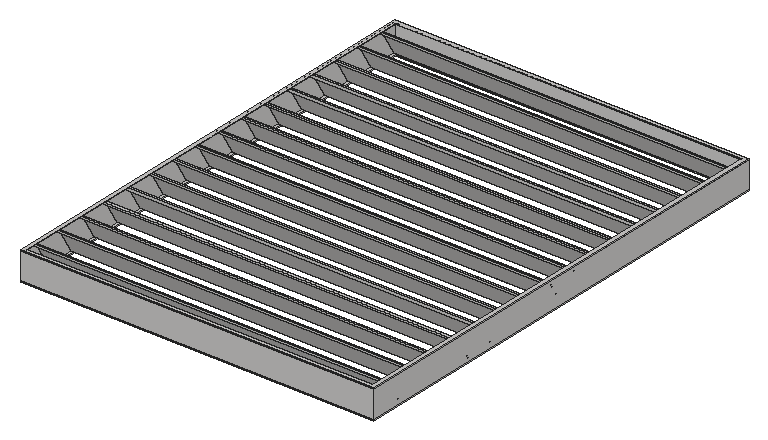
Revit family "ver-Flanged_Frame-Carnes-Rectangular-Drainable_Blade-FWCB", category Air Terminals, host Face, Revit 2012
Parameters (values of type "(See Type Catalog)")
  ecoScorecard_data = ""
  ecoScorecard Product Page = "http://ecoscorecard.com/"
  URL = "http://www.carnes.com/index.html"
  Symbol Blades Quantity [instance] = Louver Width / 3"  # 24
  Subcategory = "Louvers and Dampers"
  Specifications  URL = "http://www.carnes.com/Louvers/pdf/17150.pdf"
  Product Page URL = "http://www.carnes.com/Louvers/FVCB-FWCB.htm"
  Product Line = "Galvanized Steel Drainable Blade Louvers"
  Pressure Drop = 0.00 Pa
  Outside Width = Louver Width + (3/4" * 2)  # 73 1/2"
  Outside Height = Louver Height + (3/4" * 2)  # 97 1/2"
  Model = "FWCB"
  Minimum Size = "8\"W x 12\"H"
  Maximum Vertical Size = "96\"W x 72\"H"
  Maximum Size Note = "Larger Sizes made in multiple sections"
  Maximum Horinzontal Size = "96\"W x 72\"H"
  Manufacturer = "Carnes Company"
  Free Area Note = "See Spec Sheet URL"
  Free Area = 0.00 SF
  Description = "Galvanized Steel Drainable Blade Louvers"
  Connector Description 1 = "Duct Connetor"
  Blades Quantity [instance] = (Louver Height - (Blade Offset from Frame - 3/4")) / 6"  # 16
  Manufacturer Phone = "608-845-6411"
  Manufacturer Fax = "608-845-6470"
  Manufacturer Email = "mailto:carnes@carnes.com"
  Manufacturer Address = "448 S. Main St., P. O. Box 930040, Verona, WI 53593-0040"
  Louver Width = 72"
  Louver Length = 6"  # constant formula
  Louver Height = 96"
  Blades Length [instance] = Louver Length - 1/2"  # 5 1/2"
  Frame Material = Steel - Carnes - Galvanized
  Default Elevation = 48"
  Cost Info = "mailto:carnes@carnes.com"
  Catalog URL = "http://www.carnes.com/Louvers/pdf/f42.pdf"
  Blades Width [instance] = Outside Width - (1/8" * 2)  # 73 1/4"
  Blade Offset from Frame [instance] = 2 1/4"
  Blade Material = Steel - Carnes - Galvanized
  Assembly Code = "D3090700"
  Airflow = 0 CFM
  95 CSI = "10200"
  04 CSI = "08 91 00"
Reference planes (in)
  plane 1 "Center (Elevation)": y = 0
  plane 2: z = 0
  plane 3 "Center (Left/Right)": x = 0
  plane 4: z = -6
  plane 5: z = -0.125
  plane 6: z = -5.875
  plane 7: z = -3
  plane 8: x = -36
  plane 9: x = 36
  plane 10: x = -36.75
  plane 11: x = 36.75
  plane 12: y = 48
  plane 13: y = -48
  plane 14: y = 48.75
  plane 15: y = -48.75
  plane 16 "Blade CL": y = 46.5
Forms (in)
  Extrusion 1, solid, material "Steel - Carnes - Galvanized" <- "Frame Material"
    sketch origin (0, 0, 0) x (1, 0, 0) y (0, 1, 0)
      loop
        line (-36.75, 48.75) -> (-36.75, -48.75) -> (36.75, -48.75) -> (36.75, 48.75) -> (-36.75, 48.75)
      loop
        line (-36, 48) -> (-36, -48) -> (36, -48) -> (36, 48) -> (-36, 48)
    from -0.125 to 0
  Extrusion 2, solid, material "Steel - Carnes - Galvanized" <- "Frame Material"
    sketch origin (0, 0, 0) x (1, 0, 0) y (0, 1, 0)
      loop
        line (-36.75, 48.75) -> (-36.75, -48.75) -> (36.75, -48.75) -> (36.75, 48.75) -> (-36.75, 48.75)
      loop
        line (-36, 48) -> (-36, -48) -> (36, -48) -> (36, 48) -> (-36, 48)
    from -6 to -5.875
  Extrusion 3, solid, material "Steel - Carnes - Galvanized" <- "Frame Material"
    sketch origin (0, 0, 0) x (1, 0, 0) y (0, 1, 0)
      loop
        line (-36.625, 48.625) -> (-36.625, -48.625) -> (36.625, -48.625) -> (36.625, 48.625) -> (-36.625, 48.625)
      loop
        line (-36.75, 48.75) -> (-36.75, -48.75) -> (36.75, -48.75) -> (36.75, 48.75) -> (-36.75, 48.75)
    from -5.875 to -0.125
Lines and regions (in)
  Masking region 1, detail levels medium+fine
    outline origin (0, 0, 0) x (1, 0, 0) y (0, 0, 1)
      loop
        line (36.75, 0) -> (-36.75, 0) -> (-36.75, -6) -> (36.75, -6) -> (36.75, 0)
  Masking region 2, detail levels medium+fine
    outline origin (0, 0, 0) x (1, 0, 0) y (0, 0, 1)
      loop
        line (36.75, 0) -> (36, 0) -> (36, -0.125) -> (36.625, -0.125) -> (36.625, -5.875) -> (36, -5.875) -> (36, -6) -> (36.75, -6) -> (36.75, 0)
      loop
        line (-36.75, 0) -> (-36.75, -6) -> (-36, -6) -> (-36, -5.875) -> (-36.625, -5.875) -> (-36.625, -0.125) -> (-36, -0.125) -> (-36, 0) -> (-36.75, 0)
  symbolic lines, detail levels fine
    curve 1: line (36, 0, -0.125) -> (-36, 0, -0.125)
    curve 2: line (36, 0, -5.875) -> (-36, 0, -5.875)
  symbolic lines
    curve 3: line (-36, 0, -0.28125) -> (-35.5625, 0, -0.28125)
    curve 4: line (-35.5625, 0, -0.28125) -> (-32.33652, 0, -5.71875)
    curve 5: line (-32.33652, 0, -5.71875) -> (-31.89902, 0, -5.71875)
    curve 6: line (31.89902, 0, -0.28125) -> (32.33652, 0, -0.28125)
    curve 7: line (32.33652, 0, -0.28125) -> (35.5625, 0, -5.71875)
    curve 8: line (35.5625, 0, -5.71875) -> (36, 0, -5.71875)
    curve 9: line (-33.04787, 0, -0.28125) -> (-32.61037, 0, -0.28125)
    curve 10: line (-32.61037, 0, -0.28125) -> (-29.38438, 0, -5.71875)
    curve 11: line (-29.38438, 0, -5.71875) -> (-28.94688, 0, -5.71875)
    curve 12: line (-30.09574, 0, -0.28125) -> (-29.65824, 0, -0.28125)
    curve 13: line (-29.65824, 0, -0.28125) -> (-26.43225, 0, -5.71875)
    curve 14: line (-26.43225, 0, -5.71875) -> (-25.99475, 0, -5.71875)
    curve 15: line (-27.14361, 0, -0.28125) -> (-26.70611, 0, -0.28125)
    curve 16: line (-26.70611, 0, -0.28125) -> (-23.48012, 0, -5.71875)
    curve 17: line (-23.48012, 0, -5.71875) -> (-23.04262, 0, -5.71875)
    curve 18: line (-24.19148, 0, -0.28125) -> (-23.75398, 0, -0.28125)
    curve 19: line (-23.75398, 0, -0.28125) -> (-20.52799, 0, -5.71875)
    curve 20: line (-20.52799, 0, -5.71875) -> (-20.09049, 0, -5.71875)
    curve 21: line (-21.23934, 0, -0.28125) -> (-20.80184, 0, -0.28125)
    curve 22: line (-20.80184, 0, -0.28125) -> (-17.57586, 0, -5.71875)
    curve 23: line (-17.57586, 0, -5.71875) -> (-17.13836, 0, -5.71875)
    curve 24: line (-18.28721, 0, -0.28125) -> (-17.84971, 0, -0.28125)
    curve 25: line (-17.84971, 0, -0.28125) -> (-14.62373, 0, -5.71875)
    curve 26: line (-14.62373, 0, -5.71875) -> (-14.18623, 0, -5.71875)
    curve 27: line (-15.33508, 0, -0.28125) -> (-14.89758, 0, -0.28125)
    curve 28: line (-14.89758, 0, -0.28125) -> (-11.6716, 0, -5.71875)
    curve 29: line (-11.6716, 0, -5.71875) -> (-11.2341, 0, -5.71875)
    curve 30: line (-12.38295, 0, -0.28125) -> (-11.94545, 0, -0.28125)
    curve 31: line (-11.94545, 0, -0.28125) -> (-8.71947, 0, -5.71875)
    curve 32: line (-8.71947, 0, -5.71875) -> (-8.28197, 0, -5.71875)
    curve 33: line (-9.43082, 0, -0.28125) -> (-8.99332, 0, -0.28125)
    curve 34: line (-8.99332, 0, -0.28125) -> (-5.76734, 0, -5.71875)
    curve 35: line (-5.76734, 0, -5.71875) -> (-5.32984, 0, -5.71875)
    curve 36: line (-6.47869, 0, -0.28125) -> (-6.04119, 0, -0.28125)
    curve 37: line (-6.04119, 0, -0.28125) -> (-2.8152, 0, -5.71875)
    curve 38: line (-2.8152, 0, -5.71875) -> (-2.3777, 0, -5.71875)
    curve 39: line (-3.52656, 0, -0.28125) -> (-3.08906, 0, -0.28125)
    curve 40: line (-3.08906, 0, -0.28125) -> (0.13693, 0, -5.71875)
    curve 41: line (0.13693, 0, -5.71875) -> (0.57443, 0, -5.71875)
    curve 42: line (-0.57443, 0, -0.28125) -> (-0.13693, 0, -0.28125)
    curve 43: line (-0.13693, 0, -0.28125) -> (3.08906, 0, -5.71875)
    curve 44: line (3.08906, 0, -5.71875) -> (3.52656, 0, -5.71875)
    curve 45: line (2.3777, 0, -0.28125) -> (2.8152, 0, -0.28125)
    curve 46: line (2.8152, 0, -0.28125) -> (6.04119, 0, -5.71875)
    curve 47: line (6.04119, 0, -5.71875) -> (6.47869, 0, -5.71875)
    curve 48: line (5.32984, 0, -0.28125) -> (5.76734, 0, -0.28125)
    curve 49: line (5.76734, 0, -0.28125) -> (8.99332, 0, -5.71875)
    curve 50: line (8.99332, 0, -5.71875) -> (9.43082, 0, -5.71875)
    curve 51: line (8.28197, 0, -0.28125) -> (8.71947, 0, -0.28125)
    curve 52: line (8.71947, 0, -0.28125) -> (11.94545, 0, -5.71875)
    curve 53: line (11.94545, 0, -5.71875) -> (12.38295, 0, -5.71875)
    curve 54: line (11.2341, 0, -0.28125) -> (11.6716, 0, -0.28125)
    curve 55: line (11.6716, 0, -0.28125) -> (14.89758, 0, -5.71875)
    curve 56: line (14.89758, 0, -5.71875) -> (15.33508, 0, -5.71875)
    curve 57: line (14.18623, 0, -0.28125) -> (14.62373, 0, -0.28125)
    curve 58: line (14.62373, 0, -0.28125) -> (17.84971, 0, -5.71875)
    curve 59: line (17.84971, 0, -5.71875) -> (18.28721, 0, -5.71875)
    curve 60: line (17.13836, 0, -0.28125) -> (17.57586, 0, -0.28125)
    curve 61: line (17.57586, 0, -0.28125) -> (20.80184, 0, -5.71875)
    curve 62: line (20.80184, 0, -5.71875) -> (21.23934, 0, -5.71875)
    curve 63: line (20.09049, 0, -0.28125) -> (20.52799, 0, -0.28125)
    curve 64: line (20.52799, 0, -0.28125) -> (23.75398, 0, -5.71875)
    curve 65: line (23.75398, 0, -5.71875) -> (24.19148, 0, -5.71875)
    curve 66: line (23.04262, 0, -0.28125) -> (23.48012, 0, -0.28125)
    curve 67: line (23.48012, 0, -0.28125) -> (26.70611, 0, -5.71875)
    curve 68: line (26.70611, 0, -5.71875) -> (27.14361, 0, -5.71875)
    curve 69: line (25.99475, 0, -0.28125) -> (26.43225, 0, -0.28125)
    curve 70: line (26.43225, 0, -0.28125) -> (29.65824, 0, -5.71875)
    curve 71: line (29.65824, 0, -5.71875) -> (30.09574, 0, -5.71875)
    curve 72: line (28.94688, 0, -0.28125) -> (29.38438, 0, -0.28125)
    curve 73: line (29.38438, 0, -0.28125) -> (32.61037, 0, -5.71875)
    curve 74: line (32.61037, 0, -5.71875) -> (33.04787, 0, -5.71875)
Dimensions and locks (in)
  equal spacing: plane 10, plane 3 "Center (Left/Right)", plane 11
  "Outside Width": plane 10 to plane 11
  equal spacing: plane 15, plane 1 "Center (Elevation)", plane 14
  "Outside Height": plane 15 to plane 14
  locked: plane 2 to plane 5 at 0.125
  locked: plane 6 to plane 4 at 0.125
  "Louver Length": plane 2 to plane 4
  equal spacing: plane 5, plane 7, plane 6
  "Blade Offset from Frame": plane 14 to plane 16 "Blade CL"
  locked: plane 10 to plane 8 at 0.75
  locked: plane 9 to plane 11 at 0.75
  locked: plane 14 to plane 12 at 0.75
  locked: plane 15 to plane 13 at 0.75
  locked: Masking region 2 sketch curve to plane 11 at 0.125
  locked: Extrusion 3 sketch curve to Extrusion 3 sketch curve at 0.125  (x4)
  equal spacing: group 1, group 2, group 3, group 4, group 5, group 6, group 7, group 8, group 9, group 10, group 14, group 15, group 16, group 30, group 31, group 32  (x2)
  equal spacing: group 32, group 31, group 30, group 16, group 15, group 14, group 10, group 9, group 8, group 7, group 6, group 5, group 4, group 3, group 2, group 1
  locked: nested 1 to nested 2 at 6
  curve 3 to plane 7 to curve 5 = 2 23/32" locked, 2 23/32" locked
  equal spacing: group 11, group 13, group 17, group 18, group 19, group 20, group 21, group 22, group 23, group 24, group 25, group 26, group 27, group 28, group 29, group 33, group 34, group 35, group 36, group 37, group 38, group 39, group 40, group 12  (x3)
  curve 51 to curve 53 = 5 7/16"
  curve 54 to curve 56 = 5 7/16"
  curve 57 to curve 59 = 5 7/16"
  curve 60 to curve 62 = 5 7/16"
  curve 63 to curve 65 = 5 7/16"
  curve 66 to curve 68 = 5 7/16"
  curve 69 to curve 71 = 5 7/16"
  curve 72 to curve 74 = 5 7/16"
  aligned and locked: plane 2 to host face
  aligned and locked: host face to level
  aligned and locked: plane 10 to Extrusion 1 sketch curve
  aligned and locked: Extrusion 1 sketch curve to plane 14
  aligned and locked: plane 15 to Extrusion 1 sketch curve
  aligned and locked: plane 11 to Extrusion 1 sketch curve
  aligned and locked: plane 8 to Extrusion 1 sketch curve
  aligned and locked: Extrusion 1 sketch curve to plane 12
  aligned and locked: plane 13 to Extrusion 1 sketch curve
  aligned and locked: plane 9 to Extrusion 1 sketch curve
  aligned and locked: Extrusion 1 to plane 5
  aligned and locked: plane 2 to Extrusion 1
  aligned and locked: Extrusion 2 sketch curve to Extrusion 1  (x6)
  aligned and locked: Extrusion 1 to Extrusion 2 sketch curve  (x2)
  aligned and locked: plane 6 to Extrusion 2
  aligned and locked: Extrusion 2 to plane 4
  aligned and locked: plane 5 to Extrusion 3
  aligned and locked: Extrusion 3 to plane 6
  aligned and locked: plane 11 to Masking region 1 sketch curve
  aligned and locked: Masking region 1 sketch curve to plane 2
  aligned and locked: plane 4 to Masking region 1 sketch curve
  aligned and locked: plane 10 to Masking region 1 sketch curve
  aligned and locked: Masking region 2 sketch curve to plane 11
  aligned and locked: plane 4 to Masking region 2 sketch curve
  aligned and locked: curve 1 to plane 5
  aligned and locked: curve 2 to plane 6
  aligned and locked: plane 2 to Masking region 2 sketch curve
  aligned and locked: Masking region 2 sketch curve to plane 5
  aligned and locked: plane 9 to Masking region 2 sketch curve
  aligned and locked: Masking region 2 sketch curve to plane 9
  aligned and locked: Masking region 2 sketch curve to plane 6
  aligned and locked: Masking region 2 sketch curve to plane 4
  aligned and locked: plane 8 to Masking region 2 sketch curve
  aligned and locked: plane 6 to Masking region 2 sketch curve
  aligned and locked: plane 5 to Masking region 2 sketch curve
  aligned and locked: Masking region 2 sketch curve to plane 8
  aligned and locked: Masking region 2 sketch curve to plane 2
  aligned and locked: plane 10 to Masking region 2 sketch curve
  aligned and locked: plane 8 to curve 1
  aligned and locked: plane 8 to curve 2
  aligned and locked: plane 9 to curve 1
  aligned and locked: plane 9 to curve 2
  aligned and locked: plane 10 to Extrusion 3 sketch curve
  aligned and locked: Extrusion 3 sketch curve to plane 15
  aligned and locked: Extrusion 3 sketch curve to plane 14
  aligned and locked: plane 11 to Extrusion 3 sketch curve
  aligned and locked: plane 3 "Center (Left/Right)" to nested 1
  aligned and locked: plane 7 to nested 1
  aligned and locked: nested 1 to plane 16 "Blade CL"
  aligned and locked: plane 7 to nested 10
  aligned and locked: plane 9 to curve 8
  aligned and locked: plane 8 to curve 3
Automatic sketch dimensions
  host sketch curve to host sketch curve = 122.28147"
  host sketch curve to host sketch curve = 173.35151"
  plane 10 to Masking region 2 sketch curve = 1/8"
Nested families (in)
  nested 1: "Louver_Blade-Carnes" at (0, 46.5, -3), type "Standard"
    with Width 73 1/4"
  nested 2: "Louver_Blade-Carnes" at (0, 40.5, -3), type "Standard"
    with Width 73 1/4"
  nested 3: "Louver_Blade-Carnes" at (0, 34.5, -3), type "Standard"
    with Width 73 1/4"
  nested 4: "Louver_Blade-Carnes" at (0, 28.5, -3), type "Standard"
    with Width 73 1/4"
  nested 5: "Louver_Blade-Carnes" at (0, 22.5, -3), type "Standard"
    with Width 73 1/4"
  nested 6: "Louver_Blade-Carnes" at (0, 16.5, -3), type "Standard"
    with Width 73 1/4"
  nested 7: "Louver_Blade-Carnes" at (0, 10.5, -3), type "Standard"
    with Width 73 1/4"
  nested 8: "Louver_Blade-Carnes" at (0, 4.5, -3), type "Standard"
    with Width 73 1/4"
  nested 9: "Louver_Blade-Carnes" at (0, -1.5, -3), type "Standard"
    with Width 73 1/4"
  nested 10: "Louver_Blade-Carnes" at (0, -7.5, -3), type "Standard"
    with Width 73 1/4"
  nested 11: "Louver_Blade-Carnes" at (0, -13.5, -3), type "Standard"
    with Width 73 1/4"
  nested 12: "Louver_Blade-Carnes" at (0, -19.5, -3), type "Standard"
    with Width 73 1/4"
  nested 13: "Louver_Blade-Carnes" at (0, -25.5, -3), type "Standard"
    with Width 73 1/4"
  nested 14: "Louver_Blade-Carnes" at (0, -31.5, -3), type "Standard"
    with Width 73 1/4"
  nested 15: "Louver_Blade-Carnes" at (0, -37.5, -3), type "Standard"
    with Width 73 1/4"
  nested 16: "Louver_Blade-Carnes" at (0, -43.5, -3), type "Standard"
    with Width 73 1/4"
Connectors (in)
  hvac at (0, 0, -6), driven by "Louver Height", driven by "Louver Width", driven by "Connector Description 1", driven by "Airflow", driven by "Pressure Drop"
    settings: on Extrusion 2, index 1, duct flow 0 CFM, flow factor 0, pres drop 0.00 Pa, loss coef 0, conn angle 0.00°, conn width 72", conn height 96", conn radius 12", duct sys type 29, conn prof type 1, flow config 0, flow direction 0, loss method 4, conn ref index -1, conn util no, is conn primary yes, conn desc "Duct Connetor"
Definition of nested family "Louver_Blade-Carnes"
  Parameters (values of type "Standard")
    Width = 12"
    Blade Material = none
    Length = 5 1/2"
    Assembly Code = ""
  Reference planes (in)
    plane 1 "Center (Front/Back)": y = 0
    plane 2: z = 0
    plane 3 "Center (Left/Right)": x = 0
    plane 4: y = 2
    plane 5: y = -2
    plane 6: z = 2.75
    plane 7: z = -2.75
    plane 8: x = -6
    plane 9: x = 6
  Forms (in)
    Sweep 1, solid, material <- "Blade Material"
      path origin (0, 0, 0) x (1, 0, 0) y (0, 1, 0)
        loop
          line (-6, 0) -> (6, 0)
      profile origin (0, 0, 0) x (0, 1, 0) y (0, 0, 1)
        loop
          line (-2, 2.75) -> (-2, 2.34375) -> (-1.9375, 2.34375) -> (-1.9375, 2.6875) -> (-1.60161, 2.6875) -> (-0.00915, 0.00388) -> (1.625, -2.75) -> (2, -2.75) -> (2, -2.34375) -> (1.9375, -2.34375) -> (1.9375, -2.6875) -> (1.66411, -2.6875) -> (0.10505, -0.06016) -> (-1.5625, 2.75) -> (-2, 2.75)
  Dimensions and locks (in)
    equal spacing: plane 4, plane 1 "Center (Front/Back)", plane 5
    locked: plane 4 to plane 5 at 4
    equal spacing: plane 7, plane 2, plane 6
    "Length": plane 7 to plane 6
    equal spacing: plane 8, plane 3 "Center (Left/Right)", plane 9
    "Width": plane 8 to plane 9
    locked: Sweep 1 sketch curve to Sweep 1 sketch curve at 0.0625  (x4)
    locked: Sweep 1 sketch curve to Sweep 1 sketch curve at 0.375
    locked: Sweep 1 sketch curve to Sweep 1 sketch curve at 0.4375
    locked: Sweep 1 sketch curve to Sweep 1 sketch curve at 0.06553  (x2)
    aligned and locked: plane 1 "Center (Front/Back)" to Sweep 1 sketch curve
    aligned and locked: plane 8 to Sweep 1 sketch curve
    aligned and locked: plane 9 to Sweep 1 sketch curve
    aligned and locked: plane 7 to Sweep 1 sketch curve
    aligned and locked: plane 4 to Sweep 1 sketch curve
    aligned and locked: plane 6 to Sweep 1 sketch curve
    aligned and locked: plane 5 to Sweep 1 sketch curve
    aligned and locked: Sweep 1 sketch curve to Sweep 1 sketch curve  (x2)
  Automatic sketch dimensions
    Sweep 1 sketch curve to Sweep 1 sketch curve = 11/32"  (x2)
    profile plane to Sweep 1 sketch curve = 0.00915"
    Sweep 1 sketch curve to profile plane = 0.10505"
